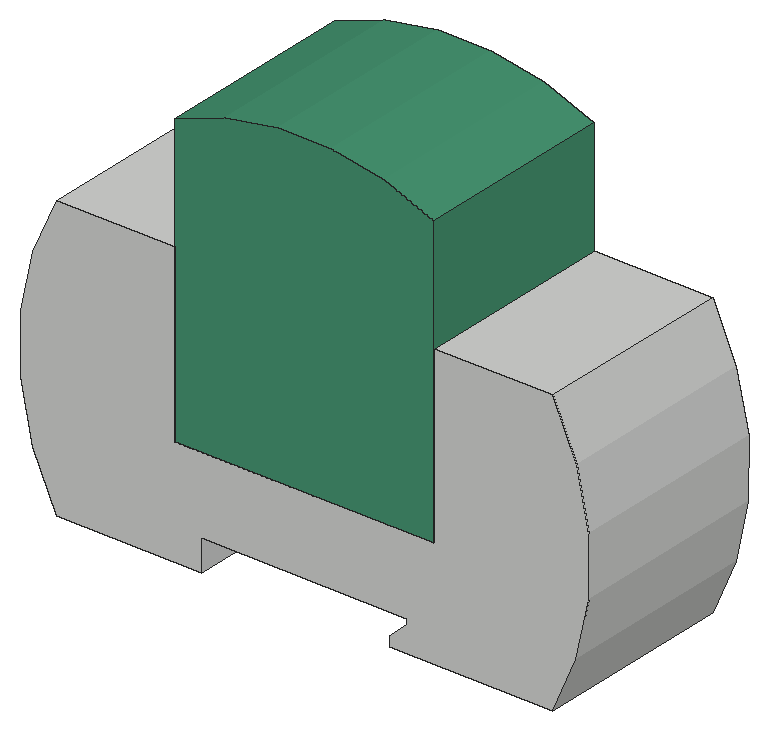
Revit family "Blitzstormableiter 1-polig", category Generic Models, Revit 2015
Parameters (values of type "MCD 50-B VDE")
  Width 1 = 44.9 mm
  Width = 100 mm
  URL = "http://www.obo-bettermann.com"
  Material 2 = PA6 GF20 FR HF RAL 6029
  Material = PA6 MF15 GRAU
  Manufacturer Art.No. = "5096847"
  Manufacturer = "OBO Bettermann"
  Length = 35 mm
  Height 1 = 49.5 mm
  Height = 74.7 mm
  GTIN = "4012195966388"
  Article Type = "MC 50-B VDE"
Reference planes
  plane 1 "Center (Front/Back)": y = 0
  plane 2: z = 0
  plane 3 "Center (Left/Right)": x = 0
  plane 4: z = 49.5
  plane 5: x = -50
  plane 6: x = 50
  plane 7: y = 35
  plane 8: z = 74.7
  plane 9: z = 69.58
Forms (mm)
  Extrusion 1, solid, material "PA6 MF15 GRAU" <- "Material"
    sketch origin (0, 0, 0) x (1, 0, 0) y (0, 0, 1)
      loop
        line (-18, 0.011) -> (-18, 5.5) -> (18, 5.5) -> (18, 4.48) -> (15, 1.772) -> (15, -0.016) -> (43.44, -0.016)
        arc (43.44, -0.016) -> (49.992, 24.724) -> (43.5, 49.481) r 50.213
        line (43.5, 49.481) -> (22.7, 49.481) -> (22.7, 19) -> (-22.7, 19) -> (-22.7, 49.513) -> (-43.4, 49.513)
        arc (-43.4, 49.513) -> (-50.021, 24.767) -> (-43.44, 0.011) r 49.702
        line (-43.44, 0.011) -> (-18, 0.011)
    from -35 to 0
  Extrusion 2, solid, material "PA6 GF20 FR HF RAL 6029" <- "Material 2"
    sketch origin (0, 0, 0) x (1, 0, 0) y (0, 0, 1)
      loop
        line (-22.7, 69.58) -> (-22.7, 19) -> (22.7, 19) -> (22.7, 69.58)
        arc (22.7, 69.58) -> (0, 74.7) -> (-22.7, 69.58) r 52.881
    from -35 to 0
Dimensions and locks
  locked: Extrusion 1 sketch curve to level at 5.5
  locked: Extrusion 1 sketch curve to Extrusion 1 sketch curve at 36
  locked: plane 3 "Center (Left/Right)" to Extrusion 1 sketch curve at 18
  locked: Extrusion 1 sketch curve to Extrusion 1 sketch curve at 33
  locked: Extrusion 1 sketch curve to level at 1.772
  locked: Extrusion 1 sketch curve to Extrusion 1 sketch curve at 1.02
  locked: Extrusion 1 sketch curve to Extrusion 1 sketch curve at 86.88
  locked: plane 3 "Center (Left/Right)" to Extrusion 1 sketch curve at 43.44
  "Height 1": plane 4 to level
  locked: Extrusion 1 sketch curve to Extrusion 1 sketch curve at 86.9
  "Width": plane 6 to plane 5
  locked: plane 3 "Center (Left/Right)" to plane 5 at 50
  locked: plane 3 "Center (Left/Right)" to Extrusion 1 sketch curve at 43.4
  locked: Extrusion 1 sketch curve to Extrusion 1 sketch curve at 45.4
  equal spacing: Extrusion 1 sketch curve, plane 3 "Center (Left/Right)", Extrusion 1 sketch curve, locked at 22.7 each
  locked: plane 4 to Extrusion 1 sketch curve at 30.5
  "Length": plane 1 "Center (Front/Back)" to plane 7
  "Height": plane 8 to level
  plane 8 to plane 9 = 5.12 mm
  radius of Extrusion 2 sketch curve = 52.881 mm
  radius of Extrusion 1 sketch curve = 49.702 mm
  radius of Extrusion 1 sketch curve = 50.213 mm
  aligned and locked: level to plane 2
  aligned and locked: plane 7 to Extrusion 1
  aligned and locked: plane 1 "Center (Front/Back)" to Extrusion 1
  aligned and locked: Extrusion 2 sketch curve to Extrusion 1  (x3)
  aligned and locked: plane 9 to Extrusion 2 sketch curve  (x2)
  aligned and locked: Extrusion 1 to Extrusion 2
  aligned and locked: plane 1 "Center (Front/Back)" to Extrusion 2
Automatic sketch dimensions
  plane 4 to Extrusion 1 sketch curve = 0.013 mm
  Extrusion 1 sketch curve to Extrusion 1 sketch curve = 0.099 mm
  Extrusion 1 sketch curve to level = 0.016 mm
  Extrusion 1 sketch curve to plane 4 = 0.019 mm
